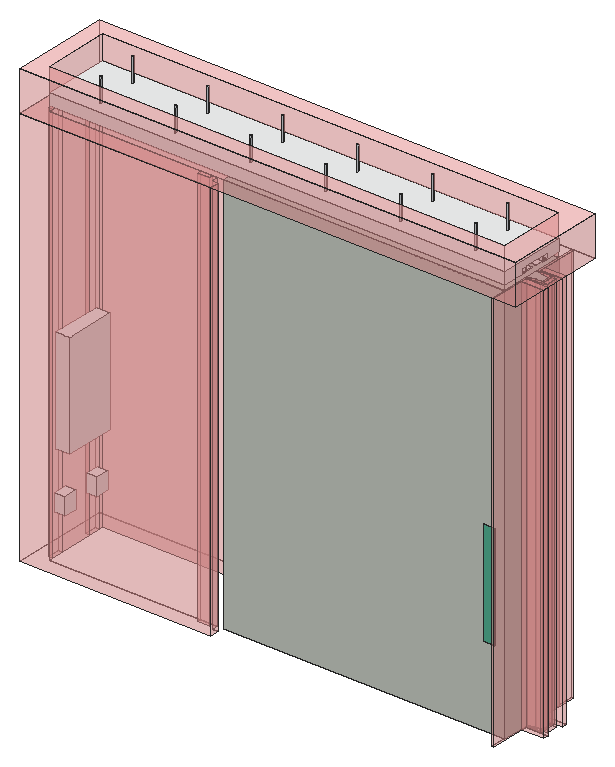
Revit family "Doors-Sliding_WON-DOOR_Fireguard-MFW-Straight_", category Doors, host Wall, Revit 2020 (continued)
Definition of nested family "First Detail Item"
  Lines and regions (in)
    Masking region 10, in view "Ref. Level", visible <- "Open", detail levels fine
      outline origin (-15.125, -28, 0) x (-1, 0, 0) y (0, -1, 0)
        loop
          line (-21.79069, -7.63545) -> (-21.86479, -7.91202) -> (-20.88164, -7.99815) -> (-20.1562, -7.99815) -> (-19.40607, -7.80339) -> (-19.00607, -7.80339) -> (-18.25658, -7.99805) -> (-17.53075, -7.99805) -> (-16.65588, -7.92151) -> (-16.72592, -7.64433) -> (-16.62243, -7.34246) -> (-17.49332, -7.2293) -> (-18.19646, -7.07466) -> (-18.88724, -6.7233) -> (-19.28415, -6.63601) -> (-20.05835, -6.66515) -> (-20.76165, -6.51048) -> (-21.54735, -6.26424) -> (-21.54735, -5.31542) -> (-21.58037, -5.31542) -> (-21.58037, -6.28009) -> (-20.76924, -6.53444) -> (-20.06073, -6.69026) -> (-19.28628, -6.66117) -> (-18.89562, -6.74708) -> (-18.20543, -7.09819) -> (-17.49654, -7.25409) -> (-16.65588, -7.36332) -> (-16.75304, -7.6467) -> (-17.53439, -7.71502) -> (-18.2545, -7.71502) -> (-19.00438, -7.52027) -> (-19.41076, -7.52027) -> (-20.16089, -7.71505) -> (-20.88084, -7.71505) -> (-21.79069, -7.63545)
        loop
          line (-21.79069, -8.14845) -> (-21.86479, -8.42502) -> (-20.88164, -8.51115) -> (-20.1562, -8.51115) -> (-19.40607, -8.31639) -> (-19.00607, -8.31639) -> (-18.25658, -8.51105) -> (-17.53075, -8.51105) -> (-16.65588, -8.43451) -> (-16.72592, -8.15733) -> (-17.53439, -8.22802) -> (-18.2545, -8.22802) -> (-19.00438, -8.03327) -> (-19.41076, -8.03327) -> (-20.16089, -8.22805) -> (-20.88084, -8.22805) -> (-21.79069, -8.14845)
        loop
          line (-21.78857, -8.66578) -> (-21.86268, -8.94234) -> (-20.87952, -9.02848) -> (-20.15408, -9.02848) -> (-19.40395, -8.83372) -> (-19.00396, -8.83372) -> (-18.25446, -9.02838) -> (-17.52864, -9.02838) -> (-16.65377, -8.95184) -> (-16.72381, -8.67465) -> (-17.53228, -8.74535) -> (-18.25238, -8.74535) -> (-19.00226, -8.55059) -> (-19.40865, -8.55059) -> (-20.15878, -8.74538) -> (-20.87872, -8.74538) -> (-21.78857, -8.66578)
        loop
          line (-21.78857, -9.18253) -> (-21.86268, -9.4591) -> (-20.87952, -9.54524) -> (-20.15408, -9.54524) -> (-19.40395, -9.35048) -> (-19.00396, -9.35048) -> (-18.25446, -9.54514) -> (-17.52864, -9.54514) -> (-16.65377, -9.4686) -> (-16.72381, -9.19141) -> (-17.53228, -9.26211) -> (-18.25238, -9.26211) -> (-19.00226, -9.06735) -> (-19.40865, -9.06735) -> (-20.15878, -9.26214) -> (-20.87872, -9.26214) -> (-21.78857, -9.18253)
        loop
          line (-20.87952, -10.06323) -> (-20.15408, -10.06323) -> (-19.40395, -9.86847) -> (-19.00396, -9.86847) -> (-18.25446, -10.06313) -> (-17.52864, -10.06313) -> (-16.65377, -9.98659) -> (-16.72381, -9.70941) -> (-17.53228, -9.7801) -> (-18.25238, -9.7801) -> (-19.00226, -9.58535) -> (-19.40865, -9.58535) -> (-20.15878, -9.78013) -> (-20.87872, -9.78013) -> (-21.78409, -9.70092) -> (-21.8582, -9.97749) -> (-20.87952, -10.06323)
    Masking region 11, in view "Ref. Level", visible <- "Open", detail levels coarse
      outline origin (-6.72946, -10.64254, 0) x (-1, 0, 0) y (0, -1, 0)
        loop
          line (0, 0) -> (-13.46266, 0) -> (-13.46266, -3.33295) -> (-7.66683, -3.33295) -> (-7.66683, -7.70111) -> (-5.79583, -7.70111) -> (-5.79583, -3.33295) -> (0, -3.33295) -> (0, 0)
    Masking region 12, in view "Ref. Level", visible <- "Open", detail levels medium
      outline origin (-6.72946, -10.64254, 0) x (-1, 0, 0) y (0, -1, 0)
        loop
          line (-5.31106, 0.00186) -> (-5.25267, -0.2292) -> (-0.06191, -0.2292) -> (0, 0.00186) -> (-5.31106, 0.00186)
        loop
          line (-5.32256, -0.47063) -> (-5.25267, -0.7472) -> (-0.05957, -0.7472) -> (0.01453, -0.47063) -> (-5.32256, -0.47063)
        loop
          line (-0.05957, -1.26396) -> (0.01453, -0.98739) -> (-5.15887, -0.98739) -> (-5.15887, -3.29263) -> (-5.87565, -3.29263) -> (-5.87565, -5.85577) -> (-6.00065, -5.98077) -> (-6.00065, -7.23399) -> (-7.45733, -7.23399) -> (-7.45733, -5.98077) -> (-7.58233, -5.85577) -> (-7.58233, -3.29263) -> (-8.29911, -3.29263) -> (-8.29911, -0.98739) -> (-13.47251, -0.98739) -> (-13.39841, -1.26396) -> (-8.33426, -1.26396) -> (-8.33426, -3.05443) -> (-13.47251, -3.05443) -> (-13.39841, -3.33099) -> (-7.61749, -3.33099) -> (-7.61749, -5.87033) -> (-7.49249, -5.99533) -> (-7.49249, -7.26915) -> (-5.96549, -7.26915) -> (-5.96549, -5.99533) -> (-5.84049, -5.87033) -> (-5.84049, -3.33099) -> (-0.05957, -3.33099) -> (0.01453, -3.05443) -> (-5.12372, -3.05443) -> (-5.12372, -1.26396) -> (-0.05957, -1.26396)
        loop
          line (-8.2775, 0.00186) -> (-13.46266, 0.00186) -> (-13.40075, -0.2292) -> (-8.33589, -0.2292) -> (-8.2775, 0.00186)
        loop
          line (-8.266, -0.47063) -> (-13.47251, -0.47063) -> (-13.39841, -0.7472) -> (-8.33589, -0.7472) -> (-8.266, -0.47063)
        loop
          line (-7.66449, -7.69949) -> (-5.79349, -7.69949) -> (-5.79349, -5.98423) -> (-5.87849, -5.98423) -> (-5.87849, -7.29649) -> (-7.57949, -7.29649) -> (-7.57949, -5.98423) -> (-7.66449, -5.98423) -> (-7.66449, -7.69949)
    Masking region 13, in view "Ref. Level", visible <- "Open", detail levels fine
      outline origin (-6.72946, -10.64254, 0) x (-1, 0, 0) y (0, -1, 0)
        loop
          line (-0.96983, -0.91876) -> (-1.69528, -0.91876) -> (-2.4454, -1.11352) -> (-2.8454, -1.11352) -> (-3.5949, -0.91886) -> (-4.32072, -0.91886) -> (-5.16009, -0.99229) -> (-5.16009, -3.28975) -> (-5.57059, -3.25384) -> (-5.87686, -3.60616) -> (-5.87686, -5.85289) -> (-6.00186, -5.97789) -> (-6.00186, -7.23112) -> (-7.45855, -7.23112) -> (-7.45855, -5.97789) -> (-7.58355, -5.85289) -> (-7.58355, -3.60616) -> (-7.88982, -3.25384) -> (-8.2997, -3.2897) -> (-8.2997, -0.99235) -> (-9.13969, -0.91886) -> (-9.86551, -0.91886) -> (-10.61501, -1.11352) -> (-11.015, -1.11352) -> (-11.76513, -0.91876) -> (-12.49057, -0.91876) -> (-13.47373, -1.0049) -> (-13.39962, -1.28146) -> (-12.48977, -1.20186) -> (-11.76983, -1.20186) -> (-11.0197, -1.39665) -> (-10.61331, -1.39665) -> (-9.86343, -1.20189) -> (-9.14333, -1.20189) -> (-8.33486, -1.27258) -> (-8.33486, -3.04475) -> (-9.13325, -3.11457) -> (-9.85336, -3.11457) -> (-10.60323, -2.91981) -> (-11.00962, -2.91981) -> (-11.75975, -3.1146) -> (-12.47969, -3.1146) -> (-13.35456, -3.03806) -> (-13.35456, -3.32112) -> (-12.4805, -3.3977) -> (-11.75505, -3.3977) -> (-11.00493, -3.20294) -> (-10.60493, -3.20294) -> (-9.85543, -3.3976) -> (-9.12961, -3.3976) -> (-7.9046, -3.29042) -> (-7.6187, -3.6193) -> (-7.6187, -5.86746) -> (-7.4937, -5.99246) -> (-7.4937, -7.26627) -> (-5.9667, -7.26627) -> (-5.9667, -5.99246) -> (-5.8417, -5.86746) -> (-5.8417, -3.6193) -> (-5.55581, -3.29042) -> (-4.3308, -3.3976) -> (-3.60497, -3.3976) -> (-2.85548, -3.20294) -> (-2.45548, -3.20294) -> (-1.70535, -3.3977) -> (-0.97991, -3.3977) -> (-0.10585, -3.32112) -> (-0.10585, -3.03806) -> (-0.98071, -3.1146) -> (-1.70066, -3.1146) -> (-2.45079, -2.91981) -> (-2.85717, -2.91981) -> (-3.60705, -3.11457) -> (-4.32716, -3.11457) -> (-5.12493, -3.04481) -> (-5.12493, -1.27253) -> (-4.31708, -1.20189) -> (-3.59697, -1.20189) -> (-2.8471, -1.39665) -> (-2.44071, -1.39665) -> (-1.69058, -1.20186) -> (-0.97064, -1.20186) -> (-0.06079, -1.28146) -> (0.01332, -1.0049) -> (-0.96983, -0.91876)
        loop
          line (-0.06079, -0.7647) -> (0.01332, -0.48814) -> (-0.96983, -0.402) -> (-1.69528, -0.402) -> (-2.4454, -0.59676) -> (-2.8454, -0.59676) -> (-3.5949, -0.4021) -> (-4.32072, -0.4021) -> (-5.32335, -0.48982) -> (-5.25331, -0.767) -> (-4.31708, -0.68513) -> (-3.59697, -0.68513) -> (-2.8471, -0.87989) -> (-2.44071, -0.87989) -> (-1.69058, -0.6851) -> (-0.97064, -0.6851) -> (-0.06079, -0.7647)
        loop
          line (-0.06191, -0.24661) -> (0, -0.01555) -> (-1.03348, 0.07487) -> (-1.75343, 0.07487) -> (-2.50355, -0.11992) -> (-2.90994, -0.11992) -> (-3.65982, 0.07484) -> (-4.37993, 0.07484) -> (-5.31449, -0.00688) -> (-5.25331, -0.249) -> (-4.31708, -0.16713) -> (-3.59697, -0.16713) -> (-2.8471, -0.36189) -> (-2.44071, -0.36189) -> (-1.69058, -0.1671) -> (-0.97064, -0.1671) -> (-0.06191, -0.24661)
        loop
          line (-13.39962, -0.7647) -> (-12.48977, -0.6851) -> (-11.76983, -0.6851) -> (-11.0197, -0.87989) -> (-10.61331, -0.87989) -> (-9.86343, -0.68513) -> (-9.14333, -0.68513) -> (-8.33486, -0.75582) -> (-8.26482, -0.47864) -> (-9.13969, -0.4021) -> (-9.86551, -0.4021) -> (-10.61501, -0.59676) -> (-11.015, -0.59676) -> (-11.76513, -0.402) -> (-12.49057, -0.402) -> (-13.47373, -0.48814) -> (-13.39962, -0.7647)
        loop
          line (-13.40075, -0.2468) -> (-12.48977, -0.1671) -> (-11.76983, -0.1671) -> (-11.0197, -0.36189) -> (-10.61331, -0.36189) -> (-9.86343, -0.16713) -> (-9.14333, -0.16713) -> (-8.33486, -0.23783) -> (-8.27368, 0.00429) -> (-9.08048, 0.07484) -> (-9.80059, 0.07484) -> (-10.55047, -0.11992) -> (-10.95685, -0.11992) -> (-11.70698, 0.07487) -> (-12.42692, 0.07487) -> (-13.46266, -0.01575) -> (-13.40075, -0.2468)
        loop
          line (-5.7947, -5.98135) -> (-5.8797, -5.98135) -> (-5.8797, -7.29362) -> (-6.0477, -7.29362) -> (-6.0477, -7.57362) -> (-6.68795, -7.57362) -> (-6.68795, -7.37862) -> (-6.3552, -7.37862) -> (-6.3552, -7.29362) -> (-7.1052, -7.29362) -> (-7.1052, -7.37862) -> (-6.77245, -7.37862) -> (-6.77245, -7.57362) -> (-7.4127, -7.57362) -> (-7.4127, -7.29362) -> (-7.5807, -7.29362) -> (-7.5807, -5.98135) -> (-7.6657, -5.98135) -> (-7.6657, -7.69662) -> (-5.7947, -7.69662) -> (-5.7947, -5.98135)
    Masking region 14, in view "Ref. Level", visible <- "Closed"
      outline origin (-6.90322, -10.64254, 0) x (-1, 0, 0) y (0, -1, 0)
        loop
          line (4.9835, -10.64254) -> (3.51838, -10.96413) -> (4.00076, -13.16182) -> (3.4339, -13.28624) -> (6.86421, -28.9142) -> (7.43107, -28.78977) -> (7.91346, -30.98745) -> (9.37858, -30.66586) -> (4.9835, -10.64254)
    detail lines, in view "Ref. Level", visible <- "Open"
      curve 1: line (-9.00391, -1.4955, 0) -> (9.00391, -1.4955, 0)
      curve 4: line (-6.72946, -10.62699, 0) -> (-6.72946, -18.0233, 0)
      curve 5: line (6.7332, -10.6268, 0) -> (6.7332, -18.02251, 0)
    reference lines, in view "Ref. Level"
      curve 2: line (-15.125, -28, 0) -> (-24.994, -28, 0)
      curve 3: line (-15.125, -10.64254, 0) -> (-24.994, -10.64254, 0)
    detail lines, in view "Ref. Level", visible <- "Backing Profile Clearance ( by other )"
      curve 6: line (-10, -3.12535, 0) -> (-11.25716, -3.12535, 0)
      curve 7: line (-11.25716, -3.12535, 0) -> (-11.25716, -6.75035, 0)
      curve 8: line (-11.25716, -6.75035, 0) -> (-10, -6.75035, 0)
      curve 9: line (-10, -6.75035, 0) -> (-10, -3.12535, 0)
      curve 10: line (11.25484, -3.12535, 0) -> (10, -3.12535, 0)
      curve 11: line (11.25484, -6.75035, 0) -> (11.25484, -3.12535, 0)
      curve 12: line (10, -6.75035, 0) -> (11.25484, -6.75035, 0)
      curve 13: line (10, -3.12535, 0) -> (10, -6.75035, 0)
      curve 14: line (4.12616, -29.25, 0) -> (7.75116, -29.25, 0)
      curve 15: line (4.12616, -28, 0) -> (4.12616, -29.25, 0)
      curve 16: line (7.75116, -28, 0) -> (4.12616, -28, 0)
      curve 17: line (7.75116, -29.25, 0) -> (7.75116, -28, 0)
      curve 18: line (-7.75116, -29.25, 0) -> (-4.12616, -29.25, 0)
      curve 19: line (-7.75116, -28, 0) -> (-7.75116, -29.25, 0)
      curve 20: line (-4.12616, -29.25, 0) -> (-4.12616, -28, 0)
      curve 21: line (-4.12616, -28, 0) -> (-7.75116, -28, 0)
    detail lines, in view "Ref. Level", visible <- "Wall Construction Clearance ( by other )"
      curve 22: line (16.125, -34.125, 0) -> (16.125, 0, 0)
      curve 23: line (-16.125, -34.125, 0) -> (16.125, -34.125, 0)
      curve 24: line (-16.125, 0, 0) -> (-16.125, -34.125, 0)
      curve 25: line (-10, -1.61766, 0) -> (-10, -28, 0)
      curve 26: line (10, -28, 0) -> (10, -1.61766, 0)
      curve 27: line (-10, -28, 0) -> (10, -28, 0)
      curve 28: line (-12.01201, -1.61766, 0) -> (-10, -1.61766, 0)
      curve 29: line (-12.01201, 0, 0) -> (-12.01201, -1.61766, 0)
      curve 30: line (-12.01201, 0, 0) -> (-16.125, 0, 0)
      curve 31: line (16.125, -1.61766, 0) -> (16.125, 0, 0)
      curve 32: line (10, -1.61766, 0) -> (12, -1.61766, 0)
      curve 34: line (16.125, 0, 0) -> (12, 0, 0)
      curve 35: line (12, 0, 0) -> (12, -1.61766, 0)
      curve 36: line (-12.01201, 0, 0) -> (-16.125, 0, 0)
    detail lines, in view "Ref. Level"
      curve 33: line (-12.01201, 0, 0) -> (-16.125, 0, 0)
    detail lines, in view "Ref. Level", visible <- "Closed"
      curve 37: line (-14.3343, 18.14723, 0) -> (-10.90399, 2.51927, 0)
  Dimensions and locks (in)
    locked: Masking region 1 sketch curve to plane 1 "Center (Front/Back)" at 1.61766  (x2)
    equal spacing: plane 4, plane 3 "Center (Left/Right)", plane 5
    "Thickness": plane 4 to plane 5
    locked: Masking region 1 sketch curve to plane 4 at 2.01201
    locked: plane 5 to Masking region 1 sketch curve at 2
    equal spacing: plane 6, plane 3 "Center (Left/Right)", plane 7
    "Pocket Thickness": plane 6 to plane 7
    "Stack Depth": plane 9 to plane 1 "Center (Front/Back)"
    "Offset for Backing": plane 8 to plane 9
    "Stack Depth": plane 10 to plane 1 "Center (Front/Back)"
    locked: Masking region 2 sketch curve to plane 1 "Center (Front/Back)" at 1.61766  (x2)
    equal spacing: Masking region 2 sketch curve, plane 3 "Center (Left/Right)", Masking region 2 sketch curve
    "Thickness": Masking region 2 sketch curve to Masking region 2 sketch curve
    equal spacing: Masking region 3 sketch curve, plane 3 "Center (Left/Right)", Masking region 3 sketch curve  (x2)
    locked: Masking region 3 sketch curve to Masking region 3 sketch curve at 23.77344
    locked: Masking region 3 sketch curve to Masking region 3 sketch curve at 18.00781
    locked: Masking region 3 sketch curve to plane 1 "Center (Front/Back)" at 1.4955
    locked: Masking region 3 sketch curve to plane 1 "Center (Front/Back)" at 2.4955
    "Stack Depth": plane 11 to plane 1 "Center (Front/Back)"
    locked: Masking region 4 sketch curve to plane 11 at 1.25  (x2)
    equal spacing: Masking region 4 sketch curve, plane 3 "Center (Left/Right)", Masking region 4 sketch curve
    locked: Masking region 4 sketch curve to Masking region 4 sketch curve at 8.25232
    locked: Masking region 4 sketch curve to Masking region 4 sketch curve at 3.625  (x4)
    equal spacing: plane 12, plane 3 "Center (Left/Right)", plane 13
    "Thickness": plane 12 to plane 13
    locked: Masking region 4 sketch curve to plane 12 at 1.25716
    locked: plane 13 to Masking region 4 sketch curve at 1.25484
    locked: Masking region 4 sketch curve to plane 1 "Center (Front/Back)" at 3.12535  (x2)
    locked: curve 2 to curve 2 at 9.869
    locked: curve 2 to plane 3 "Center (Left/Right)" at 15.125
    "Stack Depth": curve 2 to plane 1 "Center (Front/Back)"
    locked: curve 3 to curve 3 at 9.869
    locked: curve 3 to plane 3 "Center (Left/Right)" at 15.125
    locked: curve 3 to plane 1 "Center (Front/Back)" at 10.64254
    Masking region 2 sketch curve to plane 3 "Center (Left/Right)" to Masking region 2 sketch curve = 1' - 0.01201" locked, 1' - 0" locked
    aligned and locked: plane 4 to Masking region 1 sketch curve
    aligned and locked: Masking region 1 sketch curve to plane 5
    aligned and locked: Masking region 1 sketch curve to plane 6
    aligned and locked: plane 7 to Masking region 1 sketch curve
    aligned and locked: Masking region 1 sketch curve to plane 1 "Center (Front/Back)"  (x2)
    aligned and locked: plane 8 to Masking region 1 sketch curve
    aligned and locked: Masking region 1 sketch curve to plane 9
    aligned and locked: Masking region 2 sketch curve to plane 1 "Center (Front/Back)"
    aligned and locked: Masking region 2 sketch curve to plane 10
    aligned and locked: curve 1 to Masking region 3
    aligned and locked: Masking region 3 to curve 1
    aligned and locked: Masking region 4 sketch curve to plane 11  (x2)
    aligned and locked: plane 12 to Masking region 4 sketch curve
    aligned and locked: Masking region 4 sketch curve to plane 13
    aligned and locked: curve 4 to Masking region 13
    aligned and locked: Masking region 13 to curve 5
    aligned and locked: curve 5 to Masking region 10
    aligned and locked: Masking region 10 to curve 4
    aligned and locked: Masking region 3 sketch curve to plane 1 "Center (Front/Back)"
    aligned and locked: Masking region 4 to curve 6
    aligned and locked: curve 8 to Masking region 4
    aligned and locked: curve 10 to Masking region 4
    aligned and locked: Masking region 4 to curve 12
    aligned and locked: curve 14 to Masking region 4
    aligned and locked: curve 15 to Masking region 4
    aligned and locked: curve 16 to Masking region 4
    aligned and locked: curve 17 to Masking region 4
    aligned and locked: curve 18 to Masking region 4
    aligned and locked: curve 19 to Masking region 4
    aligned and locked: curve 20 to Masking region 4
    aligned and locked: curve 21 to Masking region 4
    aligned and locked: curve 22 to Masking region 1
    aligned and locked: curve 23 to Masking region 1
    aligned and locked: curve 24 to Masking region 1
    aligned and locked: curve 27 to Masking region 7
    aligned and locked: curve 28 to Masking region 2
    aligned and locked: Masking region 1 to curve 30
    aligned and locked: Masking region 2 to curve 32
    aligned and locked: curve 9 to Masking region 4
    aligned and locked: curve 7 to Masking region 4
    aligned and locked: curve 13 to Masking region 4
    aligned and locked: curve 11 to Masking region 4
    aligned and locked: curve 29 to Masking region 1
    aligned and locked: curve 34 to Masking region 1
    aligned and locked: curve 35 to Masking region 1
    aligned and locked: curve 36 to Masking region 1
  Automatic sketch dimensions
    curve 2 to Masking region 8 sketch curve = 0' - 7.64187"
    Masking region 8 sketch curve to curve 2 = 1' - 9.8582"
    Masking region 8 sketch curve to Masking region 8 sketch curve = 0' - 0.2823"  (x2)
    Masking region 8 sketch curve to Masking region 8 sketch curve = 0' - 4.83119"
    curve 2 to Masking region 8 sketch curve = 0' - 7.36974"
    Masking region 8 sketch curve to Masking region 8 sketch curve = 0' - 0.0933"  (x2)
    Masking region 8 sketch curve to Masking region 8 sketch curve = 0' - 3.04907"
    Masking region 8 sketch curve to Masking region 8 sketch curve = 0' - 4.92449"
    Masking region 8 sketch curve to Masking region 8 sketch curve = 0' - 2.34165"  (x2)
    Masking region 8 sketch curve to Masking region 8 sketch curve = 0' - 0.27213"
    Masking region 8 sketch curve to Masking region 8 sketch curve = 0' - 1.35536"  (x2)
    Masking region 8 sketch curve to Masking region 8 sketch curve = 0' - 0.79054"
    curve 2 to Masking region 7 sketch curve = 0' - 0"
    curve 2 to Masking region 7 sketch curve = 0' - 4.78582"
    Masking region 7 sketch curve to curve 2 = 2' - 0.119"
    Masking region 7 sketch curve to Masking region 7 sketch curve = 0' - 2.57199"
    Masking region 7 sketch curve to Masking region 7 sketch curve = 0' - 1.707"  (x2)
    Masking region 7 sketch curve to Masking region 7 sketch curve = 0' - 9.418"
    Masking region 7 sketch curve to Masking region 7 sketch curve = 0' - 2.584"
    Masking region 7 sketch curve to Masking region 7 sketch curve = 0' - 4.78582"
    Masking region 7 sketch curve to Masking region 7 sketch curve = 0' - 0.00715"
    Masking region 7 sketch curve to Masking region 7 sketch curve = 0' - 0.70299"
    Masking region 7 sketch curve to Masking region 7 sketch curve = 0' - 0.71015"
    curve 2 to Masking region 6 sketch curve = 0' - 4.78518"
    Masking region 6 sketch curve to curve 2 = 2' - 0.131"
    Masking region 6 sketch curve to Masking region 6 sketch curve = 0' - 2.584"  (x2)
    Masking region 6 sketch curve to Masking region 6 sketch curve = 0' - 0 1/32"  (x7)
    Masking region 6 sketch curve to Masking region 6 sketch curve = 0' - 1.6445"  (x2)
    Masking region 6 sketch curve to Masking region 6 sketch curve = 0' - 9.418"
    Masking region 6 sketch curve to Masking region 6 sketch curve = 0' - 0.00715"
    Masking region 6 sketch curve to Masking region 6 sketch curve = 0' - 0.6696"  (x2)
    Masking region 6 sketch curve to Masking region 6 sketch curve = 0' - 0.03404"  (x2)
    Masking region 6 sketch curve to Masking region 6 sketch curve = 0' - 0.71079"
    Masking region 5 sketch curve to Masking region 5 sketch curve = 0' - 0"  (x25)
    curve 2 to Masking region 5 sketch curve = 0' - 3.87569"
    Masking region 5 sketch curve to curve 2 = 2' - 0.13135"
    Masking region 5 sketch curve to Masking region 5 sketch curve = 0' - 0.03143"
    Masking region 5 sketch curve to Masking region 5 sketch curve = 0' - 0.63119"
    curve 2 to Masking region 5 sketch curve = 0' - 4.68834"  (x2)
    Masking region 5 sketch curve to Masking region 5 sketch curve = 0' - 0.06836"
    Masking region 5 sketch curve to Masking region 5 sketch curve = 0' - 0.00109"  (x2)
    Masking region 5 sketch curve to Masking region 5 sketch curve = 0' - 0.10152"  (x2)
    curve 2 to Masking region 5 sketch curve = 0' - 4.69774"
    Masking region 5 sketch curve to Masking region 5 sketch curve = 0' - 0.26902"
    curve 2 to Masking region 5 sketch curve = 0' - 4.66756"
    Masking region 5 sketch curve to Masking region 5 sketch curve = 0' - 0 1/32"  (x6)
    Masking region 5 sketch curve to Masking region 5 sketch curve = 0' - 0.68579"  (x2)
    Masking region 5 sketch curve to Masking region 5 sketch curve = 0' - 1.51075"
    Masking region 5 sketch curve to Masking region 5 sketch curve = 0' - 0.042"  (x4)
    Masking region 5 sketch curve to Masking region 5 sketch curve = 0' - 0.05275"  (x4)
    Masking region 5 sketch curve to Masking region 5 sketch curve = 0' - 1.539"  (x2)
    curve 2 to Masking region 5 sketch curve = 0' - 4.83469"
    Masking region 5 sketch curve to Masking region 5 sketch curve = 0' - 9.334"
    Masking region 5 sketch curve to Masking region 5 sketch curve = 0' - 1.09207"
    Masking region 5 sketch curve to Masking region 5 sketch curve = 0' - 0.41868"
    curve 2 to Masking region 5 sketch curve = 0' - 4.65711"
    Masking region 5 sketch curve to Masking region 5 sketch curve = 0' - 0.26793"
    Masking region 5 sketch curve to Masking region 5 sketch curve = 0' - 0.63154"
    Masking region 5 sketch curve to Masking region 5 sketch curve = 0' - 0.03142"
    Masking region 5 sketch curve to Masking region 5 sketch curve = 0' - 0.57485"  (x2)
    Masking region 5 sketch curve to Masking region 5 sketch curve = 0' - 0.00242"  (x2)
    Masking region 5 sketch curve to Masking region 5 sketch curve = 0' - 0.58442"  (x2)
    Masking region 5 sketch curve to Masking region 5 sketch curve = 0' - 0.05655"
    Masking region 5 sketch curve to Masking region 5 sketch curve = 0' - 0.03018"
    Masking region 5 sketch curve to Masking region 5 sketch curve = 0' - 0.55359"  (x2)
    Masking region 5 sketch curve to Masking region 5 sketch curve = 0' - 0.23112"
    Masking region 5 sketch curve to Masking region 5 sketch curve = 0' - 0.36479"  (x2)
    Masking region 5 sketch curve to Masking region 5 sketch curve = 0' - 0.01642"  (x2)
    Masking region 5 sketch curve to Masking region 5 sketch curve = 0' - 0.08613"
    Masking region 5 sketch curve to Masking region 5 sketch curve = 0' - 0.02887"
    Masking region 5 sketch curve to Masking region 5 sketch curve = 0' - 0.38669"
    Masking region 5 sketch curve to Masking region 5 sketch curve = 0' - 0.01615"
    curve 3 to Masking region 11 sketch curve = 0' - 0"
    curve 3 to Masking region 11 sketch curve = 0' - 3.33295"
    Masking region 11 sketch curve to curve 3 = 1' - 9.8582"
    Masking region 11 sketch curve to Masking region 11 sketch curve = 0' - 5.79583"  (x2)
    Masking region 11 sketch curve to Masking region 11 sketch curve = 0' - 1.871"
    Masking region 11 sketch curve to Masking region 11 sketch curve = 0' - 0"
    Masking region 11 sketch curve to Masking region 11 sketch curve = 0' - 4.36815"
    curve 3 to Masking region 12 sketch curve = 0' - 0.47063"  (x2)
    Masking region 12 sketch curve to curve 3 = 0' - 0.00186"  (x2)
    Masking region 12 sketch curve to Masking region 12 sketch curve = 0' - 0.00985"
    curve 3 to Masking region 12 sketch curve = 0' - 3.05443"  (x2)
    Masking region 12 sketch curve to Masking region 12 sketch curve = 0' - 0.06191"  (x2)
    Masking region 12 sketch curve to Masking region 12 sketch curve = 0' - 0.07411"  (x7)
    curve 3 to Masking region 12 sketch curve = 0' - 0.7472"  (x2)
    Masking region 12 sketch curve to Masking region 12 sketch curve = 0' - 5 1/16"
    curve 3 to Masking region 12 sketch curve = 0' - 0.2292"  (x2)
    Masking region 12 sketch curve to Masking region 12 sketch curve = 0' - 0"  (x4)
    Masking region 12 sketch curve to Masking region 12 sketch curve = 0' - 0.00163"
    Masking region 12 sketch curve to Masking region 12 sketch curve = 0' - 0.03678"
    Masking region 12 sketch curve to Masking region 12 sketch curve = 0' - 0.05839"  (x2)
    Masking region 12 sketch curve to Masking region 12 sketch curve = 0' - 0.06989"  (x3)
    Masking region 12 sketch curve to Masking region 12 sketch curve = 0' - 0.63462"
    curve 3 to Masking region 12 sketch curve = 0' - 5.87033"  (x2)
    Masking region 12 sketch curve to Masking region 12 sketch curve = 0' - 0.047"
    curve 3 to Masking region 12 sketch curve = 0' - 5.85577"
    Masking region 12 sketch curve to Masking region 12 sketch curve = 0' - 0 9/256"  (x6)
    Masking region 12 sketch curve to Masking region 12 sketch curve = 0' - 0.085"  (x2)
    Masking region 12 sketch curve to Masking region 12 sketch curve = 0' - 0.087"  (x2)
    Masking region 12 sketch curve to Masking region 12 sketch curve = 0' - 1.45669"
    Masking region 12 sketch curve to Masking region 12 sketch curve = 0' - 1.70669"
    Masking region 12 sketch curve to Masking region 12 sketch curve = 0' - 0.55309"
    Masking region 12 sketch curve to Masking region 12 sketch curve = 0' - 0.68162"
    Masking region 12 sketch curve to Masking region 12 sketch curve = 0' - 5.06414"
    curve 3 to Masking region 12 sketch curve = 0' - 0.98739"
    Masking region 12 sketch curve to Masking region 12 sketch curve = 0' - 0.11044"
    Masking region 12 sketch curve to Masking region 12 sketch curve = 0' - 0 1/8"
    Masking region 12 sketch curve to Masking region 12 sketch curve = 0' - 0.1139"  (x2)
    Masking region 12 sketch curve to Masking region 12 sketch curve = 0' - 0.01456"  (x3)
    Masking region 12 sketch curve to Masking region 12 sketch curve = 0' - 1.23866"
    Masking region 12 sketch curve to Masking region 12 sketch curve = 0' - 0 7/256"
    Masking region 12 sketch curve to Masking region 12 sketch curve = 0' - 0.403"
    Masking region 12 sketch curve to Masking region 12 sketch curve = 0' - 0.03837"  (x2)
    Masking region 12 sketch curve to Masking region 12 sketch curve = 0' - 0.2382"  (x2)
    Masking region 12 sketch curve to Masking region 12 sketch curve = 0' - 0.51676"
    Masking region 12 sketch curve to Masking region 12 sketch curve = 0' - 0.27657"
    Masking region 12 sketch curve to Masking region 12 sketch curve = 0' - 0.24019"
    Masking region 12 sketch curve to Masking region 12 sketch curve = 0' - 0.07645"
    curve 2 to Masking region 10 sketch curve = 0' - 8.42502"
    Masking region 10 sketch curve to curve 2 = 1' - 9.86479"
    curve 2 to Masking region 10 sketch curve = 0' - 7.91202"
    Masking region 10 sketch curve to Masking region 10 sketch curve = 0' - 0"  (x35)
    curve 2 to Masking region 10 sketch curve = 0' - 8.94234"
    Masking region 10 sketch curve to Masking region 10 sketch curve = 0' - 0.00212"  (x9)
    curve 2 to Masking region 10 sketch curve = 0' - 9.4591"
    curve 2 to Masking region 10 sketch curve = 0' - 7.63545"
    Masking region 10 sketch curve to Masking region 10 sketch curve = 0' - 0.07411"  (x6)
    curve 2 to Masking region 10 sketch curve = 0' - 8 19/128"
    curve 2 to Masking region 10 sketch curve = 0' - 9.18253"
    curve 2 to Masking region 10 sketch curve = 0' - 8.66578"
    Masking region 10 sketch curve to Masking region 10 sketch curve = 0' - 0.07622"  (x2)
    Masking region 10 sketch curve to Masking region 10 sketch curve = 0' - 0.21031"
    curve 2 to Masking region 10 sketch curve = 0' - 6.26424"
    Masking region 10 sketch curve to Masking region 10 sketch curve = 0' - 0.03303"  (x2)
    curve 2 to Masking region 10 sketch curve = 0' - 7.99815"
    Masking region 10 sketch curve to Masking region 10 sketch curve = 0' - 0.90905"  (x2)
    curve 2 to Masking region 10 sketch curve = 0' - 7.71505"
    Masking region 10 sketch curve to Masking region 10 sketch curve = 0' - 0.0008"  (x8)
    curve 2 to Masking region 10 sketch curve = 0' - 9.54524"
    curve 2 to Masking region 10 sketch curve = 0' - 9.02848"
    curve 2 to Masking region 10 sketch curve = 0' - 8.74538"
    Masking region 10 sketch curve to Masking region 10 sketch curve = 0' - 0.00292"  (x2)
    curve 2 to Masking region 10 sketch curve = 0' - 6.53444"
    Masking region 10 sketch curve to Masking region 10 sketch curve = 0' - 0.7781"
    curve 2 to Masking region 10 sketch curve = 0' - 6.51048"
    Masking region 10 sketch curve to Masking region 10 sketch curve = 0' - 0.00759"  (x2)
    Masking region 10 sketch curve to Masking region 10 sketch curve = 0' - 0.71994"  (x4)
    curve 2 to Masking region 10 sketch curve = 0' - 8.22805"
    curve 2 to Masking region 10 sketch curve = 0' - 8.51115"
    Masking region 10 sketch curve to Masking region 10 sketch curve = 0' - 0.00258"  (x4)
    Masking region 10 sketch curve to Masking region 10 sketch curve = 0' - 0.00469"  (x8)
    curve 2 to Masking region 10 sketch curve = 0' - 10.06323"
    curve 2 to Masking region 10 sketch curve = 0' - 6.69026"
    Masking region 10 sketch curve to Masking region 10 sketch curve = 0' - 0.70092"
    curve 2 to Masking region 10 sketch curve = 0' - 6.66515"
    Masking region 10 sketch curve to Masking region 10 sketch curve = 0' - 0.00238"  (x2)
    curve 2 to Masking region 10 sketch curve = 0' - 7.52027"
    Masking region 10 sketch curve to Masking region 10 sketch curve = 0' - 0.75013"
    curve 2 to Masking region 10 sketch curve = 0' - 8.03327"
    curve 2 to Masking region 10 sketch curve = 0' - 8.55059"
    Masking region 10 sketch curve to Masking region 10 sketch curve = 0' - 0.74543"  (x2)
    curve 2 to Masking region 10 sketch curve = 0' - 7.80339"
    Masking region 10 sketch curve to Masking region 10 sketch curve = 0' - 0.0047"  (x8)
    curve 2 to Masking region 10 sketch curve = 0' - 6.66117"
    Masking region 10 sketch curve to Masking region 10 sketch curve = 0' - 0.77207"  (x2)
    curve 2 to Masking region 10 sketch curve = 0' - 6.63601"
    Masking region 10 sketch curve to Masking region 10 sketch curve = 0' - 0.00213"  (x2)
    Masking region 10 sketch curve to Masking region 10 sketch curve = 0' - 0.4"  (x10)
    Masking region 10 sketch curve to Masking region 10 sketch curve = 0' - 0.0017"  (x8)
    curve 2 to Masking region 10 sketch curve = 0' - 9.06735"
    Masking region 10 sketch curve to Masking region 10 sketch curve = 0' - 0.00381"  (x2)
    curve 2 to Masking region 10 sketch curve = 0' - 6.74708"
    Masking region 10 sketch curve to Masking region 10 sketch curve = 0' - 0.39066"
    curve 2 to Masking region 10 sketch curve = 0' - 6.7233"
    Masking region 10 sketch curve to Masking region 10 sketch curve = 0' - 0.00837"  (x2)
    curve 2 to Masking region 10 sketch curve = 0' - 8.51105"
    Masking region 10 sketch curve to Masking region 10 sketch curve = 0' - 0.74568"  (x2)
    curve 2 to Masking region 10 sketch curve = 0' - 7.99805"
    Masking region 10 sketch curve to Masking region 10 sketch curve = 0' - 0.00208"  (x8)
    curve 2 to Masking region 10 sketch curve = 0' - 9.02838"
    Masking region 10 sketch curve to Masking region 10 sketch curve = 0' - 0.7495"
    Masking region 10 sketch curve to Masking region 10 sketch curve = 0' - 0.00419"  (x2)
    curve 2 to Masking region 10 sketch curve = 0' - 7.09819"
    Masking region 10 sketch curve to Masking region 10 sketch curve = 0' - 0.04907"  (x2)
    curve 2 to Masking region 10 sketch curve = 0' - 7.07466"
    Masking region 10 sketch curve to Masking region 10 sketch curve = 0' - 0.00897"  (x2)
    Masking region 10 sketch curve to Masking region 10 sketch curve = 0' - 0.72011"  (x3)
    curve 2 to Masking region 10 sketch curve = 0' - 7.71502"
    Masking region 10 sketch curve to Masking region 10 sketch curve = 0' - 0.00364"  (x8)
    Masking region 10 sketch curve to Masking region 10 sketch curve = 0' - 0.00152"  (x2)
    curve 2 to Masking region 10 sketch curve = 0' - 7.25409"
    Masking region 10 sketch curve to Masking region 10 sketch curve = 0' - 0.03785"
    curve 2 to Masking region 10 sketch curve = 0' - 7.2293"
    Masking region 10 sketch curve to Masking region 10 sketch curve = 0' - 0.00322"  (x2)
    curve 2 to Masking region 10 sketch curve = 0' - 7.6467"
    Masking region 10 sketch curve to Masking region 10 sketch curve = 0' - 0.78136"
    curve 2 to Masking region 10 sketch curve = 0' - 7.64433"
    Masking region 10 sketch curve to Masking region 10 sketch curve = 0' - 0.02711"  (x3)
    curve 2 to Masking region 10 sketch curve = 0' - 8.15733"
    Masking region 10 sketch curve to Masking region 10 sketch curve = 0' - 0.80847"
    curve 2 to Masking region 10 sketch curve = 0' - 7.36332"
    Masking region 10 sketch curve to Masking region 10 sketch curve = 0' - 0.07004"  (x9)
    curve 2 to Masking region 10 sketch curve = 0' - 7.92151"
    Masking region 10 sketch curve to Masking region 10 sketch curve = 0' - 0.06792"  (x2)
    curve 2 to Masking region 10 sketch curve = 0' - 7.34246"
    Masking region 10 sketch curve to Masking region 10 sketch curve = 0' - 0.03345"  (x2)
    Masking region 10 sketch curve to Masking region 10 sketch curve = 0' - 2.98217"
    Masking region 10 sketch curve to Masking region 10 sketch curve = 0' - 0.03133"
    Masking region 10 sketch curve to Masking region 10 sketch curve = 0' - 0.83744"
    Masking region 10 sketch curve to Masking region 10 sketch curve = 0' - 0.87487"
    Masking region 10 sketch curve to Masking region 10 sketch curve = 0' - 0.80483"
    Masking region 10 sketch curve to Masking region 10 sketch curve = 0' - 0 45/64"
    Masking region 10 sketch curve to Masking region 10 sketch curve = 0' - 0.69078"
    Masking region 10 sketch curve to Masking region 10 sketch curve = 0' - 0.38853"
    Masking region 10 sketch curve to Masking region 10 sketch curve = 0' - 0.7033"
    Masking region 10 sketch curve to Masking region 10 sketch curve = 0' - 0.78569"
    Masking region 10 sketch curve to Masking region 10 sketch curve = 0' - 0.90985"
    Masking region 10 sketch curve to Masking region 10 sketch curve = 0' - 0.00448"  (x2)
    Masking region 10 sketch curve to Masking region 10 sketch curve = 0' - 0.06963"
    Masking region 10 sketch curve to Masking region 10 sketch curve = 0' - 1.9059"
    Masking region 10 sketch curve to Masking region 10 sketch curve = 0' - 1.03475"
    Masking region 10 sketch curve to Masking region 10 sketch curve = 0' - 0.0001"
    Masking region 10 sketch curve to Masking region 10 sketch curve = 0' - 0.07654"  (x2)
    Masking region 10 sketch curve to Masking region 10 sketch curve = 0' - 0.08653"
    Masking region 10 sketch curve to Masking region 10 sketch curve = 0' - 0.19466"
    Masking region 10 sketch curve to Masking region 10 sketch curve = 0' - 0.19476"
    Masking region 10 sketch curve to Masking region 10 sketch curve = 0' - 0.2831"  (x5)
    Masking region 10 sketch curve to Masking region 10 sketch curve = 0' - 0.2349"  (x2)
    Masking region 10 sketch curve to Masking region 10 sketch curve = 0' - 0.28303"  (x6)
    Masking region 10 sketch curve to Masking region 10 sketch curve = 0' - 0.27718"  (x7)
    Masking region 10 sketch curve to Masking region 10 sketch curve = 0' - 0.27656"
    Masking region 10 sketch curve to Masking region 10 sketch curve = 0' - 0.28313"  (x6)
    Masking region 10 sketch curve to Masking region 10 sketch curve = 0' - 0.23497"  (x2)
    Masking region 10 sketch curve to Masking region 10 sketch curve = 0' - 0.24081"  (x2)
    Masking region 10 sketch curve to Masking region 10 sketch curve = 0' - 0.24104"
    Masking region 10 sketch curve to Masking region 10 sketch curve = 0' - 0.23487"  (x2)
    Masking region 10 sketch curve to Masking region 10 sketch curve = 0' - 0.23366"  (x2)
    Masking region 10 sketch curve to Masking region 10 sketch curve = 0' - 0.23373"  (x2)
    Masking region 10 sketch curve to Masking region 10 sketch curve = 0' - 0.27657"  (x4)
    Masking region 10 sketch curve to Masking region 10 sketch curve = 0' - 0.23958"  (x2)
    Masking region 10 sketch curve to Masking region 10 sketch curve = 0' - 0.24019"
    Masking region 10 sketch curve to Masking region 10 sketch curve = 0' - 0.23363"  (x2)
    Masking region 10 sketch curve to Masking region 10 sketch curve = 0' - 0.2343"  (x2)
    Masking region 10 sketch curve to Masking region 10 sketch curve = 0' - 0.23423"
    Masking region 10 sketch curve to Masking region 10 sketch curve = 0' - 0.24014"  (x2)
    Masking region 10 sketch curve to Masking region 10 sketch curve = 0' - 0.24076"
    Masking region 10 sketch curve to Masking region 10 sketch curve = 0' - 0.2342"  (x2)
    Masking region 10 sketch curve to Masking region 10 sketch curve = 0' - 0.22997"  (x2)
    Masking region 10 sketch curve to Masking region 10 sketch curve = 0' - 0.2299"
    Masking region 10 sketch curve to Masking region 10 sketch curve = 0' - 0.23582"
    Masking region 10 sketch curve to Masking region 10 sketch curve = 0' - 0.23643"
    Masking region 10 sketch curve to Masking region 10 sketch curve = 0' - 0.22987"
    Masking region 10 sketch curve to Masking region 10 sketch curve = 0' - 0.27481"
    Masking region 10 sketch curve to Masking region 10 sketch curve = 0' - 0.00237"
    Masking region 10 sketch curve to Masking region 10 sketch curve = 0' - 0.28101"
    Masking region 10 sketch curve to Masking region 10 sketch curve = 0' - 0.02086"
    Masking region 10 sketch curve to Masking region 10 sketch curve = 0' - 0 59/128"
    Masking region 10 sketch curve to Masking region 10 sketch curve = 0' - 0.02479"
    Masking region 10 sketch curve to Masking region 10 sketch curve = 0' - 0.61684"
    Masking region 10 sketch curve to Masking region 10 sketch curve = 0' - 0.02353"
    Masking region 10 sketch curve to Masking region 10 sketch curve = 0' - 0.32757"
    Masking region 10 sketch curve to Masking region 10 sketch curve = 0' - 0.02379"
    Masking region 10 sketch curve to Masking region 10 sketch curve = 0' - 1.02479"
    Masking region 10 sketch curve to Masking region 10 sketch curve = 0' - 0.02511"
    Masking region 10 sketch curve to Masking region 10 sketch curve = 0' - 0.08592"
    Masking region 10 sketch curve to Masking region 10 sketch curve = 0' - 0.02516"
    Masking region 10 sketch curve to Masking region 10 sketch curve = 0' - 0.13071"
    Masking region 10 sketch curve to Masking region 10 sketch curve = 0' - 0.02396"
    Masking region 10 sketch curve to Masking region 10 sketch curve = 0' - 0.01584"  (x2)
    Masking region 10 sketch curve to Masking region 10 sketch curve = 0' - 0.25435"
    Masking region 10 sketch curve to Masking region 10 sketch curve = 0' - 0.94882"  (x2)
    curve 2 to Masking region 10 sketch curve = 0' - 9.97749"
    curve 2 to Masking region 10 sketch curve = 0' - 9.70092"
    Masking region 10 sketch curve to Masking region 10 sketch curve = 0' - 0.07858"
    curve 2 to Masking region 9 sketch curve = 0' - 7.92151"
    Masking region 9 sketch curve to curve 2 = 1' - 9.86734"
    Masking region 9 sketch curve to Masking region 9 sketch curve = 0' - 0.00254"
    curve 2 to Masking region 9 sketch curve = 0' - 8.94234"
    Masking region 9 sketch curve to Masking region 9 sketch curve = 0' - 0.00212"  (x3)
    Masking region 9 sketch curve to Masking region 9 sketch curve = 0' - 0"  (x7)
    Masking region 9 sketch curve to Masking region 9 sketch curve = 0' - 0.07665"  (x3)
    Masking region 9 sketch curve to Masking region 9 sketch curve = 0' - 0.07622"  (x2)
    Masking region 9 sketch curve to Masking region 9 sketch curve = 0' - 0.07411"  (x3)
    Masking region 9 sketch curve to Masking region 9 sketch curve = 0' - 0.21031"
    Masking region 9 sketch curve to Masking region 9 sketch curve = 0' - 0.03303"  (x2)
    Masking region 9 sketch curve to Masking region 9 sketch curve = 0' - 4.79817"
    curve 2 to Masking region 9 sketch curve = 0' - 8 19/128"
    Masking region 9 sketch curve to Masking region 9 sketch curve = 0' - 0.02101"
    curve 2 to Masking region 9 sketch curve = 0' - 7.64433"
    Masking region 9 sketch curve to Masking region 9 sketch curve = 0' - 0.02325"  (x2)
    Masking region 9 sketch curve to Masking region 9 sketch curve = 0' - 0.06777"  (x2)
    Masking region 9 sketch curve to Masking region 9 sketch curve = 0' - 0.06989"  (x5)
    Masking region 9 sketch curve to Masking region 9 sketch curve = 0' - 0.07228"  (x2)
    curve 2 to Masking region 9 sketch curve = 0' - 7.36332"
    Masking region 9 sketch curve to Masking region 9 sketch curve = 0' - 0.0933"
    curve 2 to Masking region 9 sketch curve = 0' - 7.34246"
    Masking region 9 sketch curve to Masking region 9 sketch curve = 0' - 0.03345"  (x2)
    Masking region 9 sketch curve to Masking region 9 sketch curve = 0' - 2.98217"
    Masking region 9 sketch curve to Masking region 9 sketch curve = 0' - 0.00028"  (x2)
    Masking region 9 sketch curve to Masking region 9 sketch curve = 0' - 0.0024"
    Masking region 9 sketch curve to Masking region 9 sketch curve = 0' - 0.07004"
    Masking region 9 sketch curve to Masking region 9 sketch curve = 0' - 4.89146"
    Masking region 9 sketch curve to Masking region 9 sketch curve = 0' - 0.2082"
    Masking region 9 sketch curve to Masking region 9 sketch curve = 0' - 0.00448"  (x2)
    Masking region 9 sketch curve to Masking region 9 sketch curve = 0' - 0.06963"
    Masking region 9 sketch curve to Masking region 9 sketch curve = 0' - 0.24019"  (x3)
    Masking region 9 sketch curve to Masking region 9 sketch curve = 0' - 0.27657"  (x7)
    Masking region 9 sketch curve to Masking region 9 sketch curve = 0' - 0.24143"  (x2)
    Masking region 9 sketch curve to Masking region 9 sketch curve = 0' - 0.24076"  (x2)
    Masking region 9 sketch curve to Masking region 9 sketch curve = 0' - 0.22694"
    Masking region 9 sketch curve to Masking region 9 sketch curve = 0' - 0.27718"
    Masking region 9 sketch curve to Masking region 9 sketch curve = 0' - 0.00888"  (x2)
    Masking region 9 sketch curve to Masking region 9 sketch curve = 0' - 0.27213"
    Masking region 9 sketch curve to Masking region 9 sketch curve = 0' - 0.02086"
    Masking region 9 sketch curve to Masking region 9 sketch curve = 0' - 1.35536"  (x2)
    Masking region 9 sketch curve to Masking region 9 sketch curve = 0' - 0.02096"  (x2)
    Masking region 9 sketch curve to Masking region 9 sketch curve = 0' - 0.94371"  (x2)
    Masking region 9 sketch curve to Masking region 9 sketch curve = 0' - 0.07858"
    Masking region 14 sketch curve to curve 3 = 0' - 4.78788"
    Masking region 14 sketch curve to Masking region 14 sketch curve = 0' - 0.08448"
    Masking region 14 sketch curve to Masking region 14 sketch curve = 0' - 0.56686"  (x2)
    Masking region 14 sketch curve to curve 3 = 0' - 1.35757"
    Masking region 14 sketch curve to curve 3 = 0' - 0.30832"
    Masking region 14 sketch curve to curve 3 = 2' - 6.98745"
    Masking region 14 sketch curve to Masking region 14 sketch curve = 0' - 0.32159"
    Masking region 14 sketch curve to Masking region 14 sketch curve = 0' - 1.46512"
    curve 24 to plane 3 "Center (Left/Right)" = 1' - 4 1/8"
    curve 23 to curve 27 = 0' - 6 1/8"
    curve 25 to curve 19 = 0' - 2.24884"
    curve 18 to curve 20 = 0' - 3 5/8"
    plane 3 "Center (Left/Right)" to curve 16 = 0' - 4.12616"
    curve 14 to curve 14 = 0' - 3 5/8"
    curve 16 to curve 27 = 0' - 2.24884"
    curve 34 to curve 31 = 0' - 4 1/8"
    plane 1 "Center (Front/Back)" to curve 28 = 0' - 1.61766"
    plane 1 "Center (Front/Back)" to curve 32 = 0' - 1.61766"
    curve 13 to curve 26 = 0' - 1.50768"
    curve 6 to curve 25 = 0' - 1.50768"
    curve 13 to curve 10 = 0' - 3 5/8"
    curve 8 to curve 6 = 0' - 3 5/8"
    curve 20 to curve 8 = 1' - 9.24965"
    curve 20 to curve 27 = 0' - 0"
    curve 15 to curve 26 = 0' - 0"
    curve 20 to curve 20 = 0' - 1 1/4"
    curve 14 to curve 16 = 0' - 1 1/4"
    curve 22 to curve 26 = 0' - 6 1/8"
    curve 4 to plane 3 "Center (Left/Right)" = 0' - 6.72946"
    curve 5 to curve 12 = 0' - 3.2668"
    curve 26 to curve 1 = 0' - 0.12216"
    plane 1 "Center (Front/Back)" to curve 31 = 0' - 1.61766"
    curve 37 to curve 3 = 0' - 4.22101"
    curve 37 to curve 3 = 2' - 4.78977"
    curve 37 to curve 3 = 0' - 0.7907"
    curve 37 to curve 3 = 1' - 1.16182"
    Masking region 3 sketch curve to Masking region 3 sketch curve = 0' - 1"
    curve 3 to Masking region 13 sketch curve = 0' - 1.0049"  (x2)
    Masking region 13 sketch curve to curve 3 = 1' - 9.86927"
    curve 3 to Masking region 13 sketch curve = 0' - 0.48814"  (x2)
    Masking region 13 sketch curve to Masking region 13 sketch curve = 0' - 0"  (x16)
    curve 3 to Masking region 13 sketch curve = 0' - 0.01575"
    Masking region 13 sketch curve to Masking region 13 sketch curve = 0' - 0.01107"
    curve 3 to Masking region 13 sketch curve = 0' - 0.2468"
    Masking region 13 sketch curve to Masking region 13 sketch curve = 0' - 0.06191"  (x2)
    curve 3 to Masking region 13 sketch curve = 0' - 0.7647"  (x2)
    Masking region 13 sketch curve to Masking region 13 sketch curve = 0' - 0.07411"  (x3)
    Masking region 13 sketch curve to Masking region 13 sketch curve = 0' - 0.11917"
    curve 3 to Masking region 13 sketch curve = 0' - 0.91876"  (x2)
    Masking region 13 sketch curve to Masking region 13 sketch curve = 0' - 0.90905"
    curve 3 to Masking region 13 sketch curve = 0' - 0.402"
    Masking region 13 sketch curve to Masking region 13 sketch curve = 0' - 0.0008"  (x7)
    curve 3 to Masking region 13 sketch curve = 0' - 0.6851"  (x2)
    Masking region 13 sketch curve to Masking region 13 sketch curve = 0' - 0.87406"
    Masking region 13 sketch curve to curve 3 = 0' - 0.07487"  (x2)
    Masking region 13 sketch curve to Masking region 13 sketch curve = 0' - 0.06285"  (x9)
    curve 3 to Masking region 13 sketch curve = 0' - 0.1671"  (x2)
    Masking region 13 sketch curve to Masking region 13 sketch curve = 0' - 0.6571"  (x2)
    curve 3 to Masking region 13 sketch curve = 0' - 1.20186"  (x2)
    Masking region 13 sketch curve to Masking region 13 sketch curve = 0' - 0.71994"  (x4)
    Masking region 13 sketch curve to Masking region 13 sketch curve = 0' - 0.00469"  (x7)
    curve 3 to Masking region 13 sketch curve = 0' - 1.39665"  (x2)
    Masking region 13 sketch curve to Masking region 13 sketch curve = 0' - 0.75013"  (x4)
    curve 3 to Masking region 13 sketch curve = 0' - 0.36189"
    Masking region 13 sketch curve to Masking region 13 sketch curve = 0' - 0.74543"  (x2)
    curve 3 to Masking region 13 sketch curve = 0' - 0.87989"  (x2)
    curve 3 to Masking region 13 sketch curve = 0' - 0.59676"
    Masking region 13 sketch curve to Masking region 13 sketch curve = 0' - 0.0047"  (x7)
    curve 3 to Masking region 13 sketch curve = 0' - 3.20294"  (x2)
    curve 3 to Masking region 13 sketch curve = 0' - 0.11992"  (x2)
    Masking region 13 sketch curve to Masking region 13 sketch curve = 0' - 0.4"  (x6)
    Masking region 13 sketch curve to Masking region 13 sketch curve = 0' - 0.0017"  (x7)
    curve 3 to Masking region 13 sketch curve = 0' - 2.91981"  (x2)
    Masking region 13 sketch curve to Masking region 13 sketch curve = 0' - 0.7478"
    curve 3 to Masking region 13 sketch curve = 0' - 0.16713"  (x2)
    Masking region 13 sketch curve to Masking region 13 sketch curve = 0' - 0.00208"  (x7)
    curve 3 to Masking region 13 sketch curve = 0' - 0.68513"
    curve 3 to Masking region 13 sketch curve = 0' - 3.3976"  (x2)
    Masking region 13 sketch curve to Masking region 13 sketch curve = 0' - 0.7495"
    curve 3 to Masking region 13 sketch curve = 0' - 3.11457"  (x2)
    Masking region 13 sketch curve to curve 3 = 0' - 0.07484"  (x2)
    Masking region 13 sketch curve to Masking region 13 sketch curve = 0' - 0.72011"  (x4)
    Masking region 13 sketch curve to Masking region 13 sketch curve = 0' - 0.00364"  (x7)
    curve 3 to Masking region 13 sketch curve = 0' - 0.91886"  (x2)
    curve 3 to Masking region 13 sketch curve = 0' - 0.23783"
    Masking region 13 sketch curve to Masking region 13 sketch curve = 0' - 0.74562"
    curve 3 to Masking region 13 sketch curve = 0' - 0.75582"
    curve 3 to Masking region 13 sketch curve = 0' - 1.27258"
    curve 3 to Masking region 13 sketch curve = 0' - 0.99235"
    Masking region 13 sketch curve to Masking region 13 sketch curve = 0' - 0 9/256"  (x7)
    Masking region 13 sketch curve to curve 3 = 0' - 0.00429"
    Masking region 13 sketch curve to Masking region 13 sketch curve = 0' - 0.06118"  (x2)
    curve 3 to Masking region 13 sketch curve = 0' - 0.47864"
    Masking region 13 sketch curve to Masking region 13 sketch curve = 0' - 0.07004"  (x2)
    curve 3 to Masking region 13 sketch curve = 0' - 3.29042"  (x2)
    Masking region 13 sketch curve to Masking region 13 sketch curve = 0' - 0.39511"
    curve 3 to Masking region 13 sketch curve = 0' - 3.25384"  (x2)
    Masking region 13 sketch curve to Masking region 13 sketch curve = 0' - 0.01478"  (x2)
    Masking region 13 sketch curve to Masking region 13 sketch curve = 0' - 0.23889"
    Masking region 13 sketch curve to Masking region 13 sketch curve = 0' - 0.28589"
    curve 3 to Masking region 13 sketch curve = 0' - 5.85289"  (x2)
    Masking region 13 sketch curve to Masking region 13 sketch curve = 0' - 0.085"  (x3)
    Masking region 13 sketch curve to Masking region 13 sketch curve = 0' - 0.087"  (x2)
    Masking region 13 sketch curve to Masking region 13 sketch curve = 0' - 0.253"
    Masking region 13 sketch curve to Masking region 13 sketch curve = 0' - 0.3075"  (x2)
    Masking region 13 sketch curve to Masking region 13 sketch curve = 0' - 0.33275"  (x2)
    Masking region 13 sketch curve to Masking region 13 sketch curve = 0' - 0.0845"
    Masking region 13 sketch curve to Masking region 13 sketch curve = 0' - 0.04584"
    Masking region 13 sketch curve to Masking region 13 sketch curve = 0' - 0.00284"
    curve 3 to Masking region 13 sketch curve = 0' - 3.6193"
    Masking region 13 sketch curve to Masking region 13 sketch curve = 0' - 0.27111"
    curve 3 to Masking region 13 sketch curve = 0' - 0.48982"
    Masking region 13 sketch curve to Masking region 13 sketch curve = 0' - 0.24725"
    curve 3 to Masking region 13 sketch curve = 0' - 0.00688"
    Masking region 13 sketch curve to Masking region 13 sketch curve = 0' - 0.00886"
    curve 3 to Masking region 13 sketch curve = 0' - 0.249"
    curve 3 to Masking region 13 sketch curve = 0' - 0.767"
    curve 3 to Masking region 13 sketch curve = 0' - 3.28975"
    Masking region 13 sketch curve to Masking region 13 sketch curve = 0' - 0.39572"
    curve 3 to Masking region 13 sketch curve = 0' - 1.27253"
    Masking region 13 sketch curve to Masking region 13 sketch curve = 0' - 0.87338"
    Masking region 13 sketch curve to Masking region 13 sketch curve = 0' - 0.82929"
    Masking region 13 sketch curve to Masking region 13 sketch curve = 0' - 0.83937"
    Masking region 13 sketch curve to Masking region 13 sketch curve = 0' - 0.0592"
    curve 3 to Masking region 13 sketch curve = 0' - 1.20189"
    Masking region 13 sketch curve to Masking region 13 sketch curve = 0' - 0.65726"
    Masking region 13 sketch curve to Masking region 13 sketch curve = 0' - 0.68703"
    Masking region 13 sketch curve to Masking region 13 sketch curve = 0' - 0.74988"  (x2)
    curve 3 to Masking region 13 sketch curve = 0' - 1.11352"
    Masking region 13 sketch curve to Masking region 13 sketch curve = 0' - 0.40639"
    curve 3 to Masking region 13 sketch curve = 0' - 3.3977"
    curve 3 to Masking region 13 sketch curve = 0' - 3.1146"
    Masking region 13 sketch curve to Masking region 13 sketch curve = 0' - 0.05815"
    Masking region 13 sketch curve to Masking region 13 sketch curve = 0' - 0.87487"
    curve 3 to Masking region 13 sketch curve = 0' - 0.24661"
    Masking region 13 sketch curve to Masking region 13 sketch curve = 0' - 0.90873"
    Masking region 13 sketch curve to Masking region 13 sketch curve = 0' - 0.00113"
    curve 3 to Masking region 13 sketch curve = 0' - 1.28146"  (x2)
    curve 3 to Masking region 13 sketch curve = 0' - 0.01555"
    Masking region 13 sketch curve to Masking region 13 sketch curve = 0' - 0.07523"
    Masking region 13 sketch curve to Masking region 13 sketch curve = 0' - 0.01456"  (x4)
    Masking region 13 sketch curve to Masking region 13 sketch curve = 0' - 0 1/8"  (x2)
    Masking region 13 sketch curve to Masking region 13 sketch curve = 0' - 0.1139"  (x2)
    Masking region 13 sketch curve to Masking region 13 sketch curve = 0' - 1.23866"
    Masking region 13 sketch curve to Masking region 13 sketch curve = 0' - 0 1/16"
    Masking region 13 sketch curve to Masking region 13 sketch curve = 0' - 0 7/256"
    Masking region 13 sketch curve to Masking region 13 sketch curve = 0' - 0.195"
    Masking region 13 sketch curve to Masking region 13 sketch curve = 0' - 0.123"
    Masking region 13 sketch curve to Masking region 13 sketch curve = 0' - 0.32888"
    Masking region 13 sketch curve to Masking region 13 sketch curve = 0' - 0.01314"  (x2)
    Masking region 13 sketch curve to Masking region 13 sketch curve = 0' - 0.19476"
    Masking region 13 sketch curve to Masking region 13 sketch curve = 0' - 0.07658"  (x2)
    Masking region 13 sketch curve to Masking region 13 sketch curve = 0' - 0.00072"
    Masking region 13 sketch curve to Masking region 13 sketch curve = 0' - 0.2831"
    Masking region 13 sketch curve to Masking region 13 sketch curve = 0' - 0.24494"  (x2)
    Masking region 13 sketch curve to Masking region 13 sketch curve = 0' - 0.28306"  (x2)
    Masking region 13 sketch curve to Masking region 13 sketch curve = 0' - 0.28303"  (x2)
    Masking region 13 sketch curve to Masking region 13 sketch curve = 0' - 0.23363"
    Masking region 13 sketch curve to Masking region 13 sketch curve = 0' - 0.2253"
    Masking region 13 sketch curve to Masking region 13 sketch curve = 0' - 0.23373"
    Masking region 13 sketch curve to Masking region 13 sketch curve = 0' - 0.28313"
    Masking region 13 sketch curve to Masking region 13 sketch curve = 0' - 0.23497"
    Masking region 13 sketch curve to Masking region 13 sketch curve = 0' - 0.2349"
    Masking region 13 sketch curve to Masking region 13 sketch curve = 0' - 0.23487"
    Masking region 12 sketch curve to curve 3 = 1' - 9.86805"
Definition of nested family "Second Detail Item"
  Parameters (values of type "Detail Item")
    Wall Construction Clearance ( by other ) = yes
    Pocket Thickness = 2' - 6 1/4"
    Backing Profile Clearance ( by other ) = yes
  Reference planes (in)
    plane 1 "Center (Front/Back)": y = 0
    plane 2: z = 0
    plane 3 "Center (Left/Right)": x = 0
    plane 4: x = -15.125
    plane 5: x = 15.125
  Lines and regions (in)
    Masking region 1, in view "Ref. Level", visible <- "Wall Construction Clearance ( by other )"
      outline origin (0, 0, 0) x (1, 0, 0) y (0, 1, 0)
        loop
          line (-15.125, -0.625) -> (-2.6875, -0.625) -> (-2.6875, -4.875) -> (2.6875, -4.875) -> (2.6875, -0.625) -> (15.125, -0.625) -> (15.125, 0) -> (2.0625, 0) -> (2.0625, -4.25) -> (-2.0625, -4.25) -> (-2.0625, 0) -> (-15.125, 0) -> (-15.125, -0.625)
    Masking region 2, in view "Ref. Level", visible <- "Backing Profile Clearance ( by other )"
      outline origin (0, 0, 0) x (1, 0, 0) y (0, 1, 0)
        loop
          line (-4.3125, -0.62531) -> (-4.3125, -7.12531) -> (-2.6875, -7.12531) -> (-2.6875, -0.62531) -> (-4.3125, -0.62531)
        loop
          line (-1.8125, -6.125) -> (1.8125, -6.125) -> (1.8125, -4.875) -> (-1.8125, -4.875) -> (-1.8125, -6.125)
        loop
          line (2.6875, -0.62531) -> (2.6875, -7.12531) -> (4.3125, -7.12531) -> (4.3125, -0.62531) -> (2.6875, -0.62531)
    Masking region 3, in view "Ref. Level"
      outline origin (0, 0, 0) x (1, 0, 0) y (0, 1, 0)
        loop
          line (2.0625, 0) -> (-2.0625, 0) -> (-2.0625, -4.25) -> (2.0625, -4.25) -> (2.0625, 0)
    Masking region 4, in view "Ref. Level", detail levels medium+fine
      outline origin (-16.375, 0, 0) x (-1, 0, 0) y (0, -1, 0)
        loop
          line (-18.4375, 0.39183) -> (-18.4375, 0) -> (-18.30162, 0) -> (-17.52509, 2.25523) -> (-17.52509, 4.12306) -> (-15.22491, 4.12306) -> (-15.22491, 2.25523) -> (-14.44838, 0) -> (-14.3125, 0) -> (-14.3125, 0.39183) -> (-14.36974, 0.39183) -> (-14.36974, 0.09504) -> (-14.41901, 0.09504) -> (-15.16026, 2.24778) -> (-15.16026, 4.18947) -> (-17.58974, 4.18947) -> (-17.58974, 2.24778) -> (-18.33099, 0.09504) -> (-18.38026, 0.09504) -> (-18.38026, 0.39183) -> (-18.4375, 0.39183)
    Masking region 5, in view "Ref. Level", detail levels coarse
      outline origin (-16.375, 0, 0) x (-1, 0, 0) y (0, -1, 0)
        loop
          line (-17.52509, 0) -> (-17.52509, 4.12306) -> (-15.22491, 4.12306) -> (-15.22491, 0) -> (-15.15851, 0) -> (-15.15851, 4.18947) -> (-17.59149, 4.18947) -> (-17.59149, 0) -> (-17.52509, 0)
    reference lines, in view "Ref. Level"
      curve 1: line (-16.375, 0, 0) -> (-19.375, 0, 0)
    detail lines, in view "Ref. Level", visible <- "Backing Profile Clearance ( by other )"
      curve 2: line (-4.3125, -0.62531, 0) -> (-4.3125, -7.12531, 0)
      curve 3: line (-4.3125, -7.12531, 0) -> (-2.6875, -7.12531, 0)
      curve 4: line (-2.6875, -7.12531, 0) -> (-2.6875, -0.62531, 0)
      curve 5: line (-2.6875, -0.62531, 0) -> (-4.3125, -0.62531, 0)
      curve 6: line (2.6875, -0.62531, 0) -> (2.6875, -7.12531, 0)
      curve 7: line (4.3125, -7.12531, 0) -> (4.3125, -0.62531, 0)
      curve 8: line (2.6875, -7.12531, 0) -> (4.3125, -7.12531, 0)
      curve 9: line (4.3125, -0.62531, 0) -> (2.6875, -0.62531, 0)
      curve 10: line (-1.8125, -6.125, 0) -> (1.8125, -6.125, 0)
      curve 11: line (-1.8125, -4.875, 0) -> (-1.8125, -6.125, 0)
      curve 12: line (1.8125, -6.125, 0) -> (1.8125, -4.875, 0)
      curve 25: line (1.8125, -4.875, 0) -> (-1.8125, -4.875, 0)
    detail lines, in view "Ref. Level", visible <- "Wall Construction Clearance ( by other )"
      curve 13: line (-15.125, -0.625, 0) -> (-2.6875, -0.625, 0)
      curve 14: line (-2.0625, 0, 0) -> (-15.125, 0, 0)
      curve 15: line (-15.125, 0, 0) -> (-15.125, -0.625, 0)
      curve 16: line (-2.0625, 0, 0) -> (-2.0625, -4.25, 0)
      curve 17: line (-2.6875, -0.62531, 0) -> (-2.6875, -4.97476, 0)
      curve 18: line (2.0625, -4.25, 0) -> (2.0625, 0, 0)
      curve 19: line (2.6875, -4.97476, 0) -> (2.6875, -0.62531, 0)
      curve 20: line (2.6875, -0.625, 0) -> (15.125, -0.625, 0)
      curve 21: line (15.125, 0, 0) -> (2.0625, 0, 0)
      curve 22: line (15.125, -0.625, 0) -> (15.125, 0, 0)
      curve 23: line (-2.6875, -4.875, 0) -> (2.6875, -4.875, 0)
      curve 24: line (-2.0625, -4.25, 0) -> (2.0625, -4.25, 0)
    detail lines, in view "Ref. Level", visible <- "Backing Profile Clearance ( by other )", detail levels coarse
      curve 26: line (-1.21649, 0, 0) -> (-1.21649, -4.18947, 0)
      curve 27: line (-1.15009, -4.12306, 0) -> (-1.15009, 0, 0)
      curve 28: line (1.15009, -4.12306, 0) -> (-1.15009, -4.12306, 0)
      curve 29: line (-1.21649, -4.18947, 0) -> (1.21649, -4.18947, 0)
      curve 30: line (1.15009, 0, 0) -> (1.15009, -4.12306, 0)
      curve 31: line (1.21649, -4.18947, 0) -> (1.21649, 0, 0)
      curve 32: line (-1.15009, 0, 0) -> (-1.21649, 0, 0)
      curve 33: line (1.21649, 0, 0) -> (1.15009, 0, 0)
    detail lines, in view "Ref. Level", visible <- "Backing Profile Clearance ( by other )", detail levels medium+fine
      curve 34: line (-1.15009, -2.25523, 0) -> (-1.92662, 0, 0)
